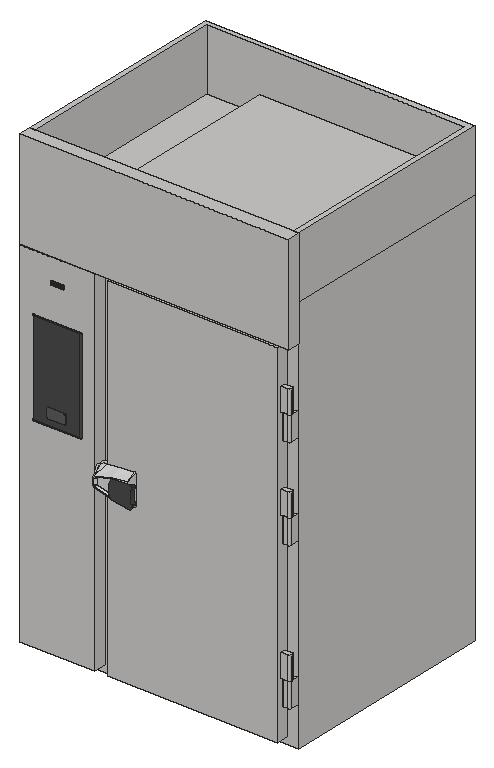
Revit family "QF_ZANUSSI_110557_ZBFA22LE", category Specialty Equipment, Revit 2018
Family settings
  Round Connector Dimension = Use Diameter
  Part Type = Normal
  Work Plane-Based = No
  Always vertical = Yes
  Cut with Voids When Loaded = No
  Shared = Yes
  Room Calculation Point = No
Parameters
  Weight = 0.00 kg
  Watts = 604.799 W
  Volts = 380 V
  URL Manufacturer = "http://www.zanussiprofessional.com"
  URL = "http://www.zanussiprofessional.com"
  Steam Supply Size = 0"
  Steam Supply Minimum Pressure = 0.00 psi
  Steam Supply Maximum Pressure = 0.00 psi
  Steam Pounds per Hour = 0
  Show Logo [instance] = yes
  Refrigeration Suction Line Size = 0"
  Refrigeration Liquid Line Size = 0"
  Refrigerant Compressor Remote = yes
  Phase = 3
  Model = "ZBFA22LE"
  Manufacturer = "Zanussi"
  Length Actual = 1400 mm  # constant formula
  Item Number = "110557"
  Hot Water Size = 1"
  Height Actual = 2470 mm  # constant formula
  HP = "8.7 HP"
  Gas Size = 0"
  Gas KW = 0
  Gas Input Pressure = 0.0 Btu/h
  Description = "RAPIDO BLAST CHILLER FREEZER 150/120KG 20 GN 2/1"
  Depth Actual = 1206 mm  # constant formula
  Cycle = 50 Hz
  Condensate Return Size = 0"
  Compressed Air Volume = 0 GPM
  Compressed Air Size = 0"
  Compressed Air Pressure = 0.00 psi
  Cold Water Size = 1"
  Assembly Code = ""
  Show Clearance [instance] = yes
  Accessory = yes
Reference planes
  plane 1 "BACK": y = 1
  plane 2: z = 0
  plane 3 "LEFT": x = 0
  plane 4 "RIGHT": x = 1400
  plane 5 "FRONT": y = -1205
  plane 6 "TOP": z = 2400
  plane 7 "Center Y": x = 700
  plane 8: y = -2155
  plane 9: y = -602
Forms (mm)
  Extrusion 1, solid, material "QF_Clearance", visible <- "Show Clearance", detail levels coarse
    sketch origin (0, 0, -70) x (1, 0, 0) y (0, 1, 0)
      loop
        line (0, -1205) -> (0, 1) -> (1400, 1) -> (1400, -1205) -> (1500, -1205) -> (1500, 101) -> (-100, 101) -> (-100, -1205) -> (0, -1205)
    from 70 to 2670
  Extrusion 2, solid, material "QF_Finishes_Stainless Steel"
    sketch origin (349.253, 33, 630.991) x (-1, 0, 0) y (0, -1, 0)
      loop
        line (349.253, 1172.759) -> (349.253, 1238) -> (-39.747, 1238) -> (-39.747, 1172.759) -> (349.253, 1172.759)
    from -597 to 1254
  Extrusion 3, solid, material "QF_Finishes_Stainless Steel"
    sketch origin (596.16, 27.971, -70) x (1, 0, 0) y (0, 1, 0)
      loop
        line (743.84, -1172.971) -> (-141.16, -1172.971) -> (-141.16, -1232.971) -> (743.84, -1232.971) -> (743.84, -1172.971)
    from 103.991 to 1945.25
  Extrusion 4, solid, material "QF_Door-Drawer Clearances", visible <- "Show Clearance", detail levels coarse
    sketch origin (875, -72.029, -91.802) x (-1, 0, 0) y (0, -1, 0)
      loop
        line (-465, 2025.971) -> (-465, 1132.971) -> (420, 1132.971)
        arc (420, 1132.971) -> (153.836, 1754.227) -> (-465, 2025.971) r 920
    from 125.793 to 1967.052
  Extrusion 5, solid, material "QF_Finishes_Stainless Steel"
    sketch origin (0, -1139.759, 0) x (0, 1, 0) y (-1, 0, 0)
      loop
        line (1140.759, 0) -> (0.759, 0) -> (0.759, -1400) -> (1140.759, -1400) -> (1140.759, 0)
    from 0 to 2080
  Extrusion 6, solid, material "QF_Finishes_Stainless Steel"
    sketch origin (0, 0, -70) x (0, 1, 0) y (0, 0, 1)
      loop
        line (-1139, 2470) -> (-1205, 2470) -> (-1205, 1956) -> (-1139, 1956) -> (-1139, 2470)
    from 0 to 1400
  Extrusion 7, solid, material "QF_Finishes_Stainless Steel"
    sketch origin (0, -1139.759, 2080) x (0, 1, 0) y (-1, 0, 0)
      loop
        line (1140.759, 0) -> (0.759, 0) -> (0.759, -27.807) -> (1112.952, -27.807) -> (1112.952, -1372.193) -> (0.759, -1372.193) -> (0.759, -1400) -> (1140.759, -1400) -> (1140.759, 0)
    from 0 to 320
  Extrusion 8, solid, material "QF_Clearance", visible <- "Show Clearance", detail levels coarse
    sketch origin (0, 0, 2400) x (-1, 0, 0) y (0, -1, 0)
      loop
        line (0, 1205) -> (-1400, 1205) -> (-1400, -1) -> (0, -1) -> (0, 1205)
    from 0 to 200
  Extrusion 9, solid, material "QF_Finishes_Stainless Steel"
    sketch origin (-390.239, -0.977, 1172.559) x (1, 0, 0) y (0, 1, 0)
      loop
        line (1730.239, -1159.557) -> (1730.239, -1186.759) -> (1771.078, -1186.759)
        arc (1771.078, -1186.759) -> (1778.149, -1183.83) -> (1781.078, -1176.759) r 10
        line (1781.078, -1176.759) -> (1781.078, -1169.557)
        arc (1781.078, -1169.557) -> (1778.149, -1162.486) -> (1771.078, -1159.557) r 10
        line (1771.078, -1159.557) -> (1730.239, -1159.557)
    from 398 to 516
  Extrusion 10, solid, material "QF_Finishes_Stainless Steel"
    sketch origin (-388.989, -0.977, 1172.559) x (1, 0, 0) y (0, 1, 0)
      loop
        line (1779.828, -1138.023) -> (1738.215, -1138.023) -> (1738.215, -1176.759)
        arc (1738.215, -1176.759) -> (1741.143, -1183.83) -> (1748.215, -1186.759) r 10
        line (1748.215, -1186.759) -> (1769.828, -1186.759)
        arc (1769.828, -1186.759) -> (1776.899, -1183.83) -> (1779.828, -1176.759) r 10
        line (1779.828, -1176.759) -> (1779.828, -1138.023)
    from 269 to 396
  Extrusion 11, solid, material "QF_Finishes_Handrails and Railings"
    sketch origin (0, -1205, -139.705) x (-1, 0, 0) y (0, 0, 1)
      loop
        arc (-455, 1022.346) -> (-433.392, 1027.289) -> (-413, 1035.976) r 124.815
        arc (-413, 1035.976) -> (-402.037, 1046.425) -> (-398, 1061.023) r 28.412
        line (-398, 1061.023) -> (-398, 1124.287)
        arc (-398, 1124.287) -> (-402.037, 1138.885) -> (-413, 1149.334) r 28.412
        arc (-413, 1149.334) -> (-433.392, 1158.021) -> (-455, 1162.964) r 124.815
        line (-455, 1162.964) -> (-455, 1022.346)
    from 0 to 25
  Extrusion 12, solid, material "QF_Finishes_Stainless Steel"
    sketch origin (0, 1, -70) x (1, 0, 0) y (0, 0, 1)
      loop
        circle (50.191, 2279.706) r 10
    from -2 to 0
  Extrusion 13, solid
    sketch origin (0, 0, -70) x (1, 0, 0) y (0, 1, 0)
      loop
        circle (271, -895) r 12.7
    from 180 to 190
  Blend 14, solid, material "QF_Finishes_Handrails and Railings"
    base sketch origin (0, -1205, -139.705) x (1, 0, 0) y (0, 0, 1)
      loop
        arc (455, 1162.964) -> (433.392, 1158.021) -> (413, 1149.334) r 124.815
        arc (413, 1149.334) -> (402.037, 1138.885) -> (398, 1124.287) r 28.412
        line (398, 1124.287) -> (398, 1061.023)
        arc (398, 1061.023) -> (402.037, 1046.425) -> (413, 1035.976) r 28.412
        arc (413, 1035.976) -> (433.392, 1027.289) -> (455, 1022.346) r 124.815
        arc (455, 1022.346) -> (524.77, 1014.896) -> (594.859, 1011.587) r 1185.63
        arc (594.859, 1011.587) -> (600.607, 1013.879) -> (603, 1019.586) r 8
        line (603, 1019.586) -> (603, 1165.724)
        arc (603, 1165.724) -> (600.607, 1171.431) -> (594.859, 1173.723) r 8
        arc (594.859, 1173.723) -> (524.77, 1170.414) -> (455, 1162.964) r 1185.63
    top sketch origin (0, -1205, -139.705) x (1, 0, 0) y (0, 0, 1)
      loop
        line (421, 1108.337) -> (421, 1076.973)
        arc (421, 1076.973) -> (423.295, 1069.915) -> (429.302, 1065.557) r 12
        arc (429.302, 1065.557) -> (515.086, 1044.22) -> (603, 1034.974) r 636.459
        line (603, 1034.974) -> (603, 1150.336)
        arc (603, 1150.336) -> (515.086, 1141.09) -> (429.302, 1119.753) r 636.459
        arc (429.302, 1119.753) -> (423.295, 1115.395) -> (421, 1108.337) r 12
    from 0 to 50
  Blend 15, void
    base sketch origin (0, -1255, -139.705) x (-1, 0, 0) y (0, 0, 1)
      loop
        arc (-430.843, 1114.996) -> (-515.866, 1136.151) -> (-603, 1145.333) r 631.459
        line (-603, 1145.333) -> (-603, 1039.977)
        arc (-603, 1039.977) -> (-515.866, 1049.159) -> (-430.843, 1070.314) r 631.459
        arc (-430.843, 1070.314) -> (-427.339, 1072.856) -> (-426, 1076.973) r 7
        line (-426, 1076.973) -> (-426, 1108.337)
        arc (-426, 1108.337) -> (-427.339, 1112.454) -> (-430.843, 1114.996) r 7
    top sketch origin (0, -1255, -139.705) x (-1, 0, 0) y (0, 0, 1)
      loop
        arc (-432.384, 1110.24) -> (-516.647, 1131.211) -> (-603, 1140.33) r 626.459
        line (-603, 1140.33) -> (-603, 1044.98)
        arc (-603, 1044.98) -> (-516.647, 1054.099) -> (-432.384, 1075.07) r 626.459
        arc (-432.384, 1075.07) -> (-431.382, 1075.797) -> (-431, 1076.973) r 2
        line (-431, 1076.973) -> (-431, 1108.337)
        arc (-431, 1108.337) -> (-431.382, 1109.513) -> (-432.384, 1110.24) r 2
    from 0 to 10
  Blend 16, solid, material "QF_Finishes_Black"
    base sketch origin (0, -1245, -139.705) x (1, 0, 0) y (0, 0, 1)
      loop
        arc (628.567, 1043.419) -> (622.014, 1092.655) -> (628.567, 1141.89) r 188.232
        arc (628.567, 1141.89) -> (627.358, 1147.991) -> (621.77, 1150.721) r 7
        arc (621.77, 1150.721) -> (572.304, 1148.509) -> (523.16, 1142.458) r 636.459
        arc (523.16, 1142.458) -> (507.711, 1092.655) -> (523.16, 1042.852) r 88
        arc (523.16, 1042.852) -> (572.304, 1036.801) -> (621.77, 1034.589) r 636.459
        arc (621.77, 1034.589) -> (627.358, 1037.319) -> (628.567, 1043.419) r 7
    top sketch origin (0, -1245, -139.705) x (1, 0, 0) y (0, 0, 1)
      loop
        arc (626.748, 1050.703) -> (622.014, 1092.655) -> (626.748, 1134.607) r 188.232
        arc (626.748, 1134.607) -> (625.775, 1138.85) -> (621.845, 1140.722) r 5
        arc (621.845, 1140.722) -> (569.023, 1138.185) -> (516.603, 1131.203) r 626.459
        arc (516.603, 1131.203) -> (507.711, 1092.655) -> (516.603, 1054.107) r 88
        arc (516.603, 1054.107) -> (569.023, 1047.124) -> (621.845, 1044.588) r 626.459
        arc (621.845, 1044.588) -> (625.775, 1046.46) -> (626.748, 1050.703) r 5
    from 20 to 0
  Extrusion 17, solid, material "QF_Finishes_Stainless Steel"
    sketch origin (-390.239, -0.977, 692.559) x (1, 0, 0) y (0, 1, 0)
      loop
        line (1730.239, -1159.557) -> (1730.239, -1186.759) -> (1771.078, -1186.759)
        arc (1771.078, -1186.759) -> (1778.149, -1183.83) -> (1781.078, -1176.759) r 10
        line (1781.078, -1176.759) -> (1781.078, -1169.557)
        arc (1781.078, -1169.557) -> (1778.149, -1162.486) -> (1771.078, -1159.557) r 10
        line (1771.078, -1159.557) -> (1730.239, -1159.557)
    from 398 to 516
  Extrusion 18, solid, material "QF_Finishes_Stainless Steel"
    sketch origin (-388.989, -0.977, 692.559) x (1, 0, 0) y (0, 1, 0)
      loop
        line (1779.828, -1138.023) -> (1738.215, -1138.023) -> (1738.215, -1176.759)
        arc (1738.215, -1176.759) -> (1741.143, -1183.83) -> (1748.215, -1186.759) r 10
        line (1748.215, -1186.759) -> (1769.828, -1186.759)
        arc (1769.828, -1186.759) -> (1776.899, -1183.83) -> (1779.828, -1176.759) r 10
        line (1779.828, -1176.759) -> (1779.828, -1138.023)
    from 269 to 396
  Extrusion 19, solid, material "QF_Finishes_Stainless Steel"
    sketch origin (-390.239, -0.977, -67.441) x (1, 0, 0) y (0, 1, 0)
      loop
        line (1730.239, -1159.557) -> (1730.239, -1186.759) -> (1771.078, -1186.759)
        arc (1771.078, -1186.759) -> (1778.149, -1183.83) -> (1781.078, -1176.759) r 10
        line (1781.078, -1176.759) -> (1781.078, -1169.557)
        arc (1781.078, -1169.557) -> (1778.149, -1162.486) -> (1771.078, -1159.557) r 10
        line (1771.078, -1159.557) -> (1730.239, -1159.557)
    from 398 to 516
  Extrusion 20, solid, material "QF_Finishes_Stainless Steel"
    sketch origin (-388.989, -0.977, -67.441) x (1, 0, 0) y (0, 1, 0)
      loop
        line (1779.828, -1138.023) -> (1738.215, -1138.023) -> (1738.215, -1176.759)
        arc (1738.215, -1176.759) -> (1741.143, -1183.83) -> (1748.215, -1186.759) r 10
        line (1748.215, -1186.759) -> (1769.828, -1186.759)
        arc (1769.828, -1186.759) -> (1776.899, -1183.83) -> (1779.828, -1176.759) r 10
        line (1779.828, -1176.759) -> (1779.828, -1138.023)
    from 269 to 396
  Extrusion 21, solid, material "QF_Door-Drawer Clearances", visible <- "Show Clearance", detail levels coarse
    sketch origin (167.029, -1956.84, -70) x (0, 1, 0) y (-1, 0, 0)
      loop
        line (751.84, -1172.971) -> (-141.16, -1172.971) -> (-141.16, -1232.971) -> (751.84, -1232.971) -> (751.84, -1172.971)
    from 103.991 to 1945.25
  Extrusion 22, solid, material "QF_Door-Drawer Clearances", visible <- "Show Clearance", detail levels coarse
    sketch origin (1400, -2553, -139.705) x (0, -1, 0) y (0, 0, 1)
      loop
        arc (-455, 1022.346) -> (-433.392, 1027.289) -> (-413, 1035.976) r 124.815
        arc (-413, 1035.976) -> (-402.037, 1046.425) -> (-398, 1061.023) r 28.412
        line (-398, 1061.023) -> (-398, 1124.287)
        arc (-398, 1124.287) -> (-402.037, 1138.885) -> (-413, 1149.334) r 28.412
        arc (-413, 1149.334) -> (-433.392, 1158.021) -> (-455, 1162.964) r 124.815
        line (-455, 1162.964) -> (-455, 1022.346)
    from 0 to 25
  Blend 23, solid, material "QF_Door-Drawer Clearances", visible <- "Show Clearance", detail levels coarse
    base sketch origin (1400, -2553, -139.705) x (0, 1, 0) y (0, 0, 1)
      loop
        arc (455, 1162.964) -> (433.392, 1158.021) -> (413, 1149.334) r 124.815
        arc (413, 1149.334) -> (402.037, 1138.885) -> (398, 1124.287) r 28.412
        line (398, 1124.287) -> (398, 1061.023)
        arc (398, 1061.023) -> (402.037, 1046.425) -> (413, 1035.976) r 28.412
        arc (413, 1035.976) -> (433.392, 1027.289) -> (455, 1022.346) r 124.815
        arc (455, 1022.346) -> (524.77, 1014.896) -> (594.859, 1011.587) r 1185.63
        arc (594.859, 1011.587) -> (600.607, 1013.879) -> (603, 1019.586) r 8
        line (603, 1019.586) -> (603, 1165.724)
        arc (603, 1165.724) -> (600.607, 1171.431) -> (594.859, 1173.723) r 8
        arc (594.859, 1173.723) -> (524.77, 1170.414) -> (455, 1162.964) r 1185.63
    top sketch origin (1400, -2553, -139.705) x (0, 1, 0) y (0, 0, 1)
      loop
        line (421, 1108.337) -> (421, 1076.973)
        arc (421, 1076.973) -> (423.295, 1069.915) -> (429.302, 1065.557) r 12
        arc (429.302, 1065.557) -> (515.086, 1044.22) -> (603, 1034.974) r 636.459
        line (603, 1034.974) -> (603, 1150.336)
        arc (603, 1150.336) -> (515.086, 1141.09) -> (429.302, 1119.753) r 636.459
        arc (429.302, 1119.753) -> (423.295, 1115.395) -> (421, 1108.337) r 12
    from 0 to 50
  Blend 24, void
    base sketch origin (1450, -2553, -139.705) x (0, -1, 0) y (0, 0, 1)
      loop
        arc (-430.843, 1114.996) -> (-515.866, 1136.151) -> (-603, 1145.333) r 631.459
        line (-603, 1145.333) -> (-603, 1039.977)
        arc (-603, 1039.977) -> (-515.866, 1049.159) -> (-430.843, 1070.314) r 631.459
        arc (-430.843, 1070.314) -> (-427.339, 1072.856) -> (-426, 1076.973) r 7
        line (-426, 1076.973) -> (-426, 1108.337)
        arc (-426, 1108.337) -> (-427.339, 1112.454) -> (-430.843, 1114.996) r 7
    top sketch origin (1450, -2553, -139.705) x (0, -1, 0) y (0, 0, 1)
      loop
        arc (-432.384, 1110.24) -> (-516.647, 1131.211) -> (-603, 1140.33) r 626.459
        line (-603, 1140.33) -> (-603, 1044.98)
        arc (-603, 1044.98) -> (-516.647, 1054.099) -> (-432.384, 1075.07) r 626.459
        arc (-432.384, 1075.07) -> (-431.382, 1075.797) -> (-431, 1076.973) r 2
        line (-431, 1076.973) -> (-431, 1108.337)
        arc (-431, 1108.337) -> (-431.382, 1109.513) -> (-432.384, 1110.24) r 2
    from 0 to 10
  Blend 25, solid, material "QF_Door-Drawer Clearances", visible <- "Show Clearance", detail levels coarse
    base sketch origin (1440, -2553, -139.705) x (0, 1, 0) y (0, 0, 1)
      loop
        arc (628.567, 1043.419) -> (622.014, 1092.655) -> (628.567, 1141.89) r 188.232
        arc (628.567, 1141.89) -> (627.358, 1147.991) -> (621.77, 1150.721) r 7
        arc (621.77, 1150.721) -> (572.304, 1148.509) -> (523.16, 1142.458) r 636.459
        arc (523.16, 1142.458) -> (507.711, 1092.655) -> (523.16, 1042.852) r 88
        arc (523.16, 1042.852) -> (572.304, 1036.801) -> (621.77, 1034.589) r 636.459
        arc (621.77, 1034.589) -> (627.358, 1037.319) -> (628.567, 1043.419) r 7
    top sketch origin (1440, -2553, -139.705) x (0, 1, 0) y (0, 0, 1)
      loop
        arc (626.748, 1050.703) -> (622.014, 1092.655) -> (626.748, 1134.607) r 188.232
        arc (626.748, 1134.607) -> (625.775, 1138.85) -> (621.845, 1140.722) r 5
        arc (621.845, 1140.722) -> (569.023, 1138.185) -> (516.603, 1131.203) r 626.459
        arc (516.603, 1131.203) -> (507.711, 1092.655) -> (516.603, 1054.107) r 88
        arc (516.603, 1054.107) -> (569.023, 1047.124) -> (621.845, 1044.588) r 626.459
        arc (621.845, 1044.588) -> (625.775, 1046.46) -> (626.748, 1050.703) r 5
    from 20 to -1
  Extrusion 26, solid, material "QF_Finishes_Stainless Steel"
    sketch origin (0, -1139.759, 2080) x (0, 1, 0) y (-1, 0, 0)
      loop
        line (1028.497, -361.186) -> (882.552, -361.186) -> (882.552, -544.235) -> (1028.497, -544.235) -> (1028.497, -361.186)
    from 0 to 50
  Extrusion 27, solid, material "QF_Finishes_Stainless Steel"
    sketch origin (0, -1139.759, 2080) x (0, 1, 0) y (-1, 0, 0)
      loop
        line (1099.749, -314.157) -> (154.819, -314.157) -> (154.819, -1281.35) -> (1099.749, -1281.35) -> (1099.749, -314.157)
    from 0 to 100
  Extrusion 28, solid, material "QF_Finishes_Stainless Steel"
    sketch origin (544.235, -111.262, 2080) x (0, -1, 0) y (0, 0, -1)
      loop
        circle (122.974, -25) r 12.5
      loop
        circle (23.998, -25) r 12.5
    from 0 to 30
Cuts and joins
  Blend 15 cuts Blend 14
  joined: Extrusion 11, Blend 14
  Blend 15 cuts Extrusion 4
  Blend 24 cuts Blend 23
  Blend 24 cuts Blend 25
  joined: Extrusion 4, Extrusion 21, Extrusion 22, Blend 23, Blend 25
  joined: Extrusion 7, Extrusion 12
  joined: Extrusion 5, Extrusion 10, Extrusion 18, Extrusion 20, Extrusion 27
  joined: Extrusion 3, Extrusion 9, Extrusion 17, Extrusion 19
  joined: Extrusion 1, Extrusion 8
  joined: Extrusion 26, Extrusion 28
Lines and regions (mm)
  symbolic lines, style "QF-Clearances", visible <- "Show Clearance", detail levels coarse
    curve 1: line (-100, -1204.241, 70) -> (-100, 101, 70)
    curve 2: line (-100, 101, 70) -> (1500, 101, 70)
    curve 3: line (1500, 101, 70) -> (1500, -1204.241, 70)
  symbolic lines
    curve 4: line (0, 1, 70) -> (1400, 1, 70)
    curve 5: line (0, -1205, 70) -> (0, 1, 70)
    curve 6: line (1400, -1205, 70) -> (0, -1205, 70)
    curve 7: line (1400, 1, 70) -> (1400, -1205, 70)
    curve 8: line (27.807, -26.807, 70) -> (1372.193, -26.807, 70)
    curve 9: line (27.807, -1139, 70) -> (27.807, -26.807, 70)
    curve 10: line (1400, -1139, 70) -> (0, -1139, 70)
    curve 11: line (1372.193, -26.807, 70) -> (1372.193, -1139, 70)
    curve 12: line (75.5, -1210, 70) -> (313.5, -1210, 70)
    curve 13: line (75.5, -1210, 70) -> (67.5, -1205, 70)
    curve 14: line (313.5, -1210, 70) -> (321.5, -1205, 70)
    curve 15: line (421, -1255, 70) -> (398, -1205, 70)
    curve 16: line (421, -1255, 70) -> (603, -1255, 70)
    curve 17: line (603, -1255, 70) -> (603, -1205, 70)
    curve 18: line (603, -1245, 70) -> (626.748, -1245, 70)
    curve 19: line (626.748, -1245, 70) -> (628.811, -1265, 70)
    curve 20: line (628.811, -1265, 70) -> (507.711, -1265, 70)
    curve 21: line (507.711, -1265, 70) -> (507.711, -1255, 70)
    curve 35: line (314.157, -40.01, 70) -> (1281.35, -40.01, 70)
    curve 36: line (314.157, -984.941, 70) -> (314.157, -40.01, 70)
    curve 37: line (1281.35, -984.941, 70) -> (314.157, -984.941, 70)
    curve 38: line (1281.35, -40.01, 70) -> (1281.35, -984.941, 70)
  symbolic lines, style "QF_Door-Drawer Clearances", visible <- "Show Clearance"
    curve 22: line (1450, -2132, 70) -> (1400, -2155, 70)
    curve 23: line (1450, -2132, 70) -> (1450, -1950, 70)
    curve 24: line (1450, -1950, 70) -> (1400, -1950, 70)
    curve 25: line (1439, -1950, 70) -> (1439, -1926.126, 70)
    curve 26: line (1439, -1926.126, 70) -> (1460, -1924.189, 70)
    curve 27: line (1460, -1924.189, 70) -> (1460, -2045.289, 70)
    curve 28: line (1460, -2045.289, 70) -> (1450, -2045.289, 70)
    curve 29: line (1375, -2098, 70) -> (1375, -2155, 70)
    curve 30: line (1340, -2098, 70) -> (1400, -2098, 70)
    curve 31: arc (457.796, -1255, 70) -> (739.031, -1843.801, 70) -> (1340, -2098, 70) r 920
    curve 32: line (1400, -2155, 70) -> (1375, -2155, 70)
    curve 33: line (1400, -2098, 70) -> (1400, -1205, 70)
    curve 34: line (1340, -2098, 70) -> (1340, -1205, 70)
  symbolic lines, style "SpecialityEquipmentHiddenLines"
    curve 39: line (361.186, -111.262, 70) -> (544.235, -111.262, 70)
    curve 40: line (361.186, -257.207, 70) -> (361.186, -111.262, 70)
    curve 41: line (544.235, -257.207, 70) -> (361.186, -257.207, 70)
    curve 42: line (544.235, -111.262, 70) -> (544.235, -257.207, 70)
    curve 43: line (574.235, -147.761, 70) -> (574.235, -122.761, 70)
    curve 44: line (574.235, -122.761, 70) -> (544.235, -122.761, 70)
    curve 45: line (574.235, -147.761, 70) -> (544.235, -147.761, 70)
    curve 46: line (574.235, -246.737, 70) -> (544.235, -246.737, 70)
    curve 47: line (574.235, -221.737, 70) -> (544.235, -221.737, 70)
    curve 48: line (574.235, -221.737, 70) -> (574.235, -246.737, 70)
Dimensions and locks
  plane 5 "FRONT" to plane 1 "BACK" = 1206 mm
  plane 6 "TOP" to level = 2400 mm
  plane 4 "RIGHT" to plane 3 "LEFT" = 1400 mm
  plane 3 "LEFT" to plane 4 "RIGHT" = 1400 mm
  equal spacing: plane 3 "LEFT", plane 7 "Center Y", plane 4 "RIGHT"
  equal spacing: plane 1 "BACK", plane 9, plane 5 "FRONT"
  aligned and locked: level to plane 2
Automatic sketch dimensions
  plane 5 "FRONT" to Extrusion 1 sketch curve = 0 mm  (x2)
  Extrusion 1 sketch curve to plane 3 "LEFT" = 0 mm
  plane 1 "BACK" to Extrusion 1 sketch curve = 0 mm
  Extrusion 1 sketch curve to plane 4 "RIGHT" = 0 mm
  Extrusion 1 sketch curve to plane 3 "LEFT" = 100 mm
  plane 4 "RIGHT" to Extrusion 1 sketch curve = 100 mm
  Extrusion 1 sketch curve to plane 1 "BACK" = 100 mm
  plane 5 "FRONT" to Extrusion 2 sketch curve = 0 mm
  Extrusion 2 sketch curve to plane 3 "LEFT" = 0 mm
  Extrusion 2 sketch curve to plane 5 "FRONT" = 65.241 mm
  plane 5 "FRONT" to Extrusion 3 sketch curve = 0 mm
  Extrusion 3 sketch curve to plane 5 "FRONT" = 60 mm
  Extrusion 3 sketch curve to plane 4 "RIGHT" = 60 mm
  plane 5 "FRONT" to Extrusion 4 sketch curve = 0 mm
  Extrusion 4 sketch curve to plane 4 "RIGHT" = 25.377 mm
  Extrusion 4 sketch curve to Extrusion 4 sketch curve = 34.623 mm
  Extrusion 4 sketch curve to plane 5 "FRONT" = 26.348 mm
  Extrusion 5 sketch curve to plane 3 "LEFT" = 0 mm
  Extrusion 5 sketch curve to plane 4 "RIGHT" = 0 mm
  plane 1 "BACK" to Extrusion 5 sketch curve = 0 mm
  Extrusion 5 sketch curve to plane 5 "FRONT" = 66 mm
  Extrusion 6 sketch curve to plane 5 "FRONT" = 0 mm
  Extrusion 6 sketch curve to plane 5 "FRONT" = 66 mm
  Extrusion 6 sketch curve to plane 6 "TOP" = 514 mm
  plane 6 "TOP" to Extrusion 6 sketch curve = 0 mm
  Extrusion 5 to Extrusion 7 sketch curve = 0 mm
  Extrusion 7 sketch curve to Extrusion 5 = 0 mm  (x4)
  Extrusion 7 sketch curve to Extrusion 5 = 27.807 mm  (x3)
  Extrusion 8 sketch curve to plane 4 "RIGHT" = 0 mm
  plane 1 "BACK" to Extrusion 8 sketch curve = 0 mm
  Extrusion 8 sketch curve to plane 3 "LEFT" = 0 mm
  plane 5 "FRONT" to Extrusion 8 sketch curve = 0 mm
  Extrusion 9 sketch curve to plane 5 "FRONT" = 17.264 mm
  Extrusion 9 sketch curve to plane 4 "RIGHT" = 60 mm
  Extrusion 9 sketch curve to plane 4 "RIGHT" = 19.161 mm
  Extrusion 9 sketch curve to Extrusion 9 sketch curve = 0 mm
  Extrusion 9 sketch curve to plane 4 "RIGHT" = 9.161 mm
  Extrusion 9 sketch curve to Extrusion 9 sketch curve = 7.202 mm
  Extrusion 10 sketch curve to plane 5 "FRONT" = 27.264 mm
  Extrusion 10 sketch curve to plane 4 "RIGHT" = 50.775 mm
  Extrusion 10 sketch curve to Extrusion 10 sketch curve = 10 mm
  Extrusion 10 sketch curve to plane 4 "RIGHT" = 19.161 mm
  Extrusion 10 sketch curve to plane 4 "RIGHT" = 9.161 mm
  Extrusion 10 sketch curve to Extrusion 10 sketch curve = 38.736 mm
  plane 7 "Center Y" to Extrusion 11 sketch curve = 228.081 mm
  Extrusion 11 sketch curve to Extrusion 11 sketch curve = 0 mm
  Extrusion 11 sketch curve to Extrusion 11 sketch curve = 16.919 mm
  Extrusion 11 sketch curve to Extrusion 11 sketch curve = 28.588 mm  (x2)
  Extrusion 11 sketch curve to Extrusion 11 sketch curve = 28.412 mm
  level to Extrusion 11 sketch curve = 882.641 mm
  Extrusion 11 sketch curve to Extrusion 11 sketch curve = 16.954 mm  (x2)
  Extrusion 11 sketch curve to Extrusion 11 sketch curve = 38.676 mm
  Extrusion 11 sketch curve to Extrusion 11 sketch curve = 63.265 mm
  Extrusion 11 sketch curve to Extrusion 11 sketch curve = 21.722 mm
  plane 3 "LEFT" to Extrusion 12 sketch curve = 50.191 mm
  Extrusion 12 sketch curve to plane 6 "TOP" = 190.294 mm
  Extrusion 13 sketch curve to plane 9 = 293 mm
  Blend 14 sketch curve to Extrusion 11 = 0 mm  (x4)
  Blend 14 sketch curve to Extrusion 11 = 28.412 mm
  Blend 14 sketch curve to Blend 14 sketch curve = 123.081 mm  (x2)
  Blend 14 sketch curve to Blend 14 sketch curve = 8 mm
  Extrusion 11 to Blend 14 sketch curve = 160.712 mm  (x2)
  Blend 14 sketch curve to Blend 14 sketch curve = 19.715 mm  (x2)
  Blend 14 sketch curve to Blend 14 sketch curve = 38.676 mm
  Blend 14 sketch curve to Extrusion 11 = 23 mm
  Blend 14 sketch curve to Blend 14 sketch curve = 12 mm  (x2)
  Extrusion 11 to Blend 14 sketch curve = 148 mm
  Extrusion 11 to Blend 14 sketch curve = 170.45 mm  (x2)
  Blend 14 sketch curve to Blend 14 sketch curve = 520.701 mm  (x2)
  Blend 14 sketch curve to Blend 14 sketch curve = 41.999 mm
  Blend 14 sketch curve to Blend 14 sketch curve = 31.364 mm
  Blend 14 sketch curve to Blend 14 sketch curve = 115.362 mm
  Blend 14 to Blend 15 sketch curve = 0 mm  (x2)
  Blend 15 sketch curve to Blend 15 sketch curve = 7 mm
  Blend 15 sketch curve to Blend 15 sketch curve = 31.364 mm  (x2)
  Blend 15 sketch curve to Blend 15 sketch curve = 2 mm
  Blend 15 to Blend 16 sketch curve = 18.811 mm  (x2)
  Blend 16 sketch curve to Blend 15 = 7.289 mm  (x2)
  Blend 16 sketch curve to Blend 16 sketch curve = 188.435 mm
  Blend 16 sketch curve to Blend 16 sketch curve = 7 mm  (x2)
  Blend 16 sketch curve to Blend 16 sketch curve = 51.066 mm  (x2)
  Blend 16 sketch curve to Blend 16 sketch curve = 0 mm  (x6)
  Blend 16 sketch curve to Blend 15 = 79.84 mm
  Blend 15 to Blend 16 sketch curve = 18.874 mm  (x2)
  Blend 16 sketch curve to Blend 16 sketch curve = 188.371 mm
  Blend 16 sketch curve to Blend 16 sketch curve = 5 mm  (x2)
  Blend 16 sketch curve to Blend 16 sketch curve = 43.067 mm  (x2)
  Blend 16 sketch curve to Blend 15 = 85.603 mm
  Extrusion 17 sketch curve to plane 5 "FRONT" = 17.264 mm
  Extrusion 17 sketch curve to plane 4 "RIGHT" = 60 mm
  Extrusion 17 sketch curve to plane 4 "RIGHT" = 19.161 mm
  Extrusion 17 sketch curve to Extrusion 17 sketch curve = 0 mm
  Extrusion 17 sketch curve to plane 4 "RIGHT" = 9.161 mm
  Extrusion 17 sketch curve to Extrusion 17 sketch curve = 7.202 mm
  Extrusion 18 sketch curve to plane 5 "FRONT" = 27.264 mm
  Extrusion 18 sketch curve to plane 4 "RIGHT" = 50.775 mm
  Extrusion 18 sketch curve to Extrusion 18 sketch curve = 10 mm
  Extrusion 18 sketch curve to plane 4 "RIGHT" = 19.161 mm
  Extrusion 18 sketch curve to plane 4 "RIGHT" = 9.161 mm
  Extrusion 18 sketch curve to Extrusion 18 sketch curve = 38.736 mm
  Extrusion 19 sketch curve to plane 5 "FRONT" = 17.264 mm
  Extrusion 19 sketch curve to plane 4 "RIGHT" = 60 mm
  Extrusion 19 sketch curve to plane 4 "RIGHT" = 19.161 mm
  Extrusion 19 sketch curve to Extrusion 19 sketch curve = 0 mm
  Extrusion 19 sketch curve to plane 4 "RIGHT" = 9.161 mm
  Extrusion 19 sketch curve to Extrusion 19 sketch curve = 7.202 mm
  Extrusion 20 sketch curve to plane 5 "FRONT" = 27.264 mm
  Extrusion 20 sketch curve to plane 4 "RIGHT" = 50.775 mm
  Extrusion 20 sketch curve to Extrusion 20 sketch curve = 10 mm
  Extrusion 20 sketch curve to plane 4 "RIGHT" = 19.161 mm
  Extrusion 20 sketch curve to plane 4 "RIGHT" = 9.161 mm
  Extrusion 20 sketch curve to Extrusion 20 sketch curve = 38.736 mm
  Extrusion 21 sketch curve to plane 4 "RIGHT" = 0 mm
  plane 5 "FRONT" to Extrusion 21 sketch curve = 0 mm
  Extrusion 21 sketch curve to plane 8 = 57 mm
  Extrusion 21 sketch curve to plane 4 "RIGHT" = 60 mm
  Extrusion 22 sketch curve to plane 8 = 0 mm
  Extrusion 22 sketch curve to Extrusion 22 sketch curve = 28.412 mm  (x2)
  Extrusion 22 sketch curve to Extrusion 22 sketch curve = 28.588 mm
  Extrusion 22 sketch curve to Extrusion 22 sketch curve = 16.919 mm  (x2)
  level to Extrusion 22 sketch curve = 882.641 mm
  Extrusion 22 sketch curve to Extrusion 22 sketch curve = 16.954 mm  (x2)
  Extrusion 22 sketch curve to Extrusion 22 sketch curve = 38.676 mm
  Extrusion 22 sketch curve to Extrusion 22 sketch curve = 63.265 mm
  Extrusion 22 sketch curve to Extrusion 22 sketch curve = 21.722 mm
  Blend 23 sketch curve to Extrusion 22 = 0 mm  (x4)
  Blend 23 sketch curve to Extrusion 22 = 28.412 mm
  Blend 23 sketch curve to Blend 23 sketch curve = 123.081 mm  (x2)
  Blend 23 sketch curve to Blend 23 sketch curve = 8 mm
  Extrusion 22 to Blend 23 sketch curve = 160.712 mm  (x2)
  Blend 23 sketch curve to Blend 23 sketch curve = 19.715 mm  (x2)
  Blend 23 sketch curve to Blend 23 sketch curve = 38.676 mm
  Blend 23 sketch curve to Extrusion 22 = 23 mm
  Blend 23 sketch curve to Blend 23 sketch curve = 12 mm  (x2)
  Extrusion 22 to Blend 23 sketch curve = 148 mm
  Extrusion 22 to Blend 23 sketch curve = 170.45 mm  (x2)
  Blend 23 sketch curve to Blend 23 sketch curve = 520.701 mm  (x2)
  Blend 23 sketch curve to Blend 23 sketch curve = 41.999 mm
  Blend 23 sketch curve to Blend 23 sketch curve = 31.364 mm
  Blend 23 sketch curve to Blend 23 sketch curve = 115.362 mm
  Blend 24 sketch curve to Blend 23 = 0 mm  (x2)
  Blend 24 sketch curve to Blend 24 sketch curve = 7 mm
  Blend 24 sketch curve to Blend 24 sketch curve = 31.364 mm  (x2)
  Blend 24 sketch curve to Blend 24 sketch curve = 2 mm
  Blend 24 to Blend 25 sketch curve = 18.811 mm  (x2)
  Blend 25 sketch curve to Blend 24 = 7.289 mm  (x2)
  Blend 25 sketch curve to Blend 25 sketch curve = 188.435 mm
  Blend 25 sketch curve to Blend 25 sketch curve = 7 mm  (x2)
  Blend 25 sketch curve to Blend 25 sketch curve = 51.066 mm  (x2)
  Blend 25 sketch curve to Blend 25 sketch curve = 0 mm  (x6)
  Blend 25 sketch curve to Blend 24 = 79.84 mm
  Blend 24 to Blend 25 sketch curve = 18.874 mm  (x2)
  Blend 25 sketch curve to Blend 25 sketch curve = 188.371 mm
  Blend 25 sketch curve to Blend 25 sketch curve = 5 mm  (x2)
  Blend 25 sketch curve to Blend 25 sketch curve = 43.067 mm  (x2)
  Blend 25 sketch curve to Blend 24 = 85.603 mm
  plane 7 "Center Y" to Extrusion 2 sketch curve = 311 mm
  plane 7 "Center Y" to Extrusion 3 sketch curve = 245 mm
  plane 7 "Center Y" to Extrusion 4 sketch curve = 245 mm
  plane 3 "LEFT" to Extrusion 13 sketch curve = 271 mm
  Extrusion 27 sketch curve to Extrusion 5 = 154.059 mm
  Extrusion 27 sketch curve to Extrusion 5 = 41.01 mm
  Extrusion 27 sketch curve to Extrusion 5 = 118.65 mm
  Extrusion 27 sketch curve to Extrusion 5 = 314.157 mm
  Extrusion 26 sketch curve to Extrusion 5 = 258.207 mm
  Extrusion 26 sketch curve to Extrusion 5 = 112.262 mm
  Extrusion 26 sketch curve to Extrusion 5 = 544.235 mm
  Extrusion 26 sketch curve to Extrusion 26 sketch curve = 183.049 mm
  Extrusion 28 sketch curve to Extrusion 26 = 23.998 mm
  Extrusion 28 sketch curve to Extrusion 26 = 22.971 mm
  Extrusion 26 to Extrusion 28 sketch curve = 25 mm  (x2)
  plane 8 to curve 29 = 0 mm
  curve 33 to plane 4 "RIGHT" = 0 mm
  plane 5 "FRONT" to curve 15 = 0 mm
  curve 10 to plane 3 "LEFT" = 0 mm
  plane 1 "BACK" to curve 7 = 0 mm
  curve 22 to plane 4 "RIGHT" = 0 mm
  curve 22 to plane 8 = 23 mm
  curve 22 to curve 33 = 57 mm
  curve 30 to curve 28 = 52.711 mm
  curve 28 to curve 24 = 95.289 mm
  plane 4 "RIGHT" to curve 26 = 39 mm
  curve 25 to curve 26 = 23.874 mm
  curve 25 to curve 27 = 1.937 mm
  plane 5 "FRONT" to curve 19 = 60 mm
  plane 5 "FRONT" to curve 15 = 50 mm
  curve 19 to curve 18 = 20 mm
  plane 5 "FRONT" to curve 12 = 5 mm
  curve 31 to plane 5 "FRONT" = 26.348 mm
  curve 31 to curve 37 = 193.711 mm
  plane 1 "BACK" to curve 41 = 258.207 mm
  curve 41 to curve 43 = 109.446 mm
  curve 43 to curve 43 = 25 mm
  plane 1 "BACK" to curve 39 = 112.262 mm
  plane 1 "BACK" to curve 36 = 41.01 mm
  plane 1 "BACK" to curve 8 = 27.807 mm
  curve 2 to plane 1 "BACK" = 100 mm
  curve 24 to curve 25 = 11 mm
  curve 26 to curve 25 = 21 mm
  plane 4 "RIGHT" to curve 2 = 100 mm
  curve 22 to curve 29 = 25 mm
  curve 31 to plane 4 "RIGHT" = 25.377 mm
  curve 8 to plane 4 "RIGHT" = 27.807 mm
  curve 29 to curve 30 = 35 mm
  curve 38 to plane 4 "RIGHT" = 118.65 mm
  plane 7 "Center Y" to curve 19 = 71.189 mm
  curve 19 to curve 18 = 2.062 mm
  curve 18 to curve 17 = 23.748 mm
  plane 7 "Center Y" to curve 43 = 125.765 mm
  curve 43 to curve 41 = 30 mm
  curve 21 to curve 31 = 49.915 mm
  curve 31 to curve 16 = 36.796 mm
  curve 41 to curve 40 = 183.049 mm
  curve 15 to curve 37 = 106.843 mm
  curve 15 to curve 14 = 107.5 mm
  plane 3 "LEFT" to curve 12 = 75.5 mm
  plane 3 "LEFT" to curve 8 = 27.807 mm
  curve 1 to plane 3 "LEFT" = 100 mm
  curve 3 to plane 5 "FRONT" = 0.759 mm
  curve 1 to plane 5 "FRONT" = 0.759 mm
  curve 9 to plane 5 "FRONT" = 66 mm
  curve 41 to curve 46 = 10.471 mm
  curve 46 to curve 48 = 25 mm
  curve 46 to curve 46 = 30 mm
  curve 15 to curve 15 = 23 mm
  curve 14 to curve 12 = 8 mm
  curve 12 to curve 13 = 8 mm
  radius of Extrusion 12 sketch curve = 10 mm
  radius of Extrusion 13 sketch curve = 12.7 mm
  radius of Blend 14 sketch curve to Extrusion 11 = 0 mm  (x3)
  radius of Blend 15 sketch curve to Blend 14 = 5 mm  (x3)
  radius of Blend 15 sketch curve to Blend 14 = 10 mm  (x3)
  radius of Blend 15 to Blend 16 sketch curve = 10 mm  (x2)
  radius of Blend 16 sketch curve to Blend 15 = 0 mm  (x2)
  radius of Blend 23 sketch curve to Extrusion 22 = 0 mm  (x3)
  radius of Blend 24 sketch curve to Blend 23 = 5 mm  (x3)
  radius of Blend 24 sketch curve to Blend 23 = 10 mm  (x3)
  radius of Blend 24 to Blend 25 sketch curve = 10 mm  (x2)
  radius of Blend 25 sketch curve to Blend 24 = 0 mm  (x2)
  radius of Extrusion 28 sketch curve = 12.5 mm  (x2)
Nested families
  nested 1: "ZAN_Touch" at (194.5, -1205, 1338.103) x (1, 0, 0) z (0, -1, 0), type "ZAN_Touch"
  nested 2: "ZAN_Logo_XS" at (194.5, -1205, 1764.991) x (1, 0, 0) z (0, -1, 0), visible <- "Show Logo", type "ZAN_Logo_XS"
Connectors
  piping at (271, -895, 110), diameter 25.4
    settings: on Extrusion 13, index 5, connector inside diameter 24", connector length 0 mm, flow factor 0, pipe flow 0 GPM, pressure drop 0.00 psi, fitting loss kfactor 0, connector angle 0.00°, fixture units 0, engagement length 0 mm, angle of deflection 0.00°, flow configuration 1, flow direction 2, fitting loss method 0, system type 16, joint type 0, gender type 0, connector reference index -1, connector utility 0, adjustable connector no, is connector primary yes, connector description "Drain"
  electrical at (50.191, 3, 2209.706), driven by "Volts"
    settings: on Extrusion 12, index 6, voltage 380 V, apparent load 0 VA, apparent load phase1 0 VA, apparent load phase2 0 VA, apparent load phase3 0 VA, power factor 1, load classification "Altro", number of poles 1, system type 30, power factor state 1, is connector primary yes, connector utility no, sub classification motor no, connector description "Electrical Connection"
  piping at (574.235, -234.237, 2105), diameter 25
    settings: on cut or joined group of Extrusion 26, Extrusion 28, index 7, connector inside diameter 24", connector length 0 mm, flow factor 0, pipe flow 0 GPM, pressure drop 0.00 psi, fitting loss kfactor 0, connector angle 0.00°, fixture units 0, engagement length 0 mm, angle of deflection 0.00°, flow configuration 1, flow direction 1, fitting loss method 0, system type 7, joint type 0, gender type 0, connector reference index -1, connector utility 0, adjustable connector no, is connector primary no, connector description "Water Inlet Cooling"
  piping at (574.235, -135.261, 2105), diameter 25
    settings: on cut or joined group of Extrusion 26, Extrusion 28, index 8, connector inside diameter 24", connector length 0 mm, flow factor 0, pipe flow 0 GPM, pressure drop 0.00 psi, fitting loss kfactor 0, connector angle 0.00°, fixture units 0, engagement length 0 mm, angle of deflection 0.00°, flow configuration 1, flow direction 1, fitting loss method 0, system type 8, joint type 0, gender type 0, connector reference index -1, connector utility 0, adjustable connector no, is connector primary no, connector description "Water Outlet Cooling"
Definition of nested family "ZAN_Touch"
  Parameters
    Default Elevation = 1219.2 mm
  Reference planes
    plane 1 "Centro (Fronte/Retro)": y = 0
    plane 2: z = 0
    plane 3 "Centro (Sinistra/Destra)": x = 0
  Forms (mm)
    Extrusion 1, solid
      sketch origin (0, 0, 0) x (1, 0, 0) y (0, 1, 0)
        loop
          line (-1219.2, 1219.2) -> (-1219.2, -1219.2) -> (1219.2, -1219.2) -> (1219.2, 1219.2) -> (-1219.2, 1219.2)
      from 0 to -304.8
    Extrusion 2, solid
      sketch origin (0, 0, 5) x (1, 0, 0) y (0, 1, 0)
        loop
          line (-47, -160) -> (-47, -202)
          arc (-47, -202) -> (-45.536, -205.535) -> (-42, -207) r 5
          line (-42, -207) -> (42, -207)
          arc (42, -207) -> (45.536, -205.535) -> (47, -202) r 5
          line (47, -202) -> (47, -160)
          arc (47, -160) -> (45.536, -156.465) -> (42, -155) r 5
          line (42, -155) -> (-42, -155)
          arc (-42, -155) -> (-45.536, -156.465) -> (-47, -160) r 5
      from 0 to 2
    Blend 3, solid
      base sketch origin (0, 0, 0) x (1, 0, 0) y (0, 1, 0)
        loop
          line (-127, 244) -> (-127, -244)
          arc (-127, -244) -> (-125.536, -247.536) -> (-122, -249) r 5
          line (-122, -249) -> (122, -249)
          arc (122, -249) -> (125.536, -247.536) -> (127, -244) r 5
          line (127, -244) -> (127, 244)
          arc (127, 244) -> (125.536, 247.536) -> (122, 249) r 5
          line (122, 249) -> (-122, 249)
          arc (-122, 249) -> (-125.536, 247.536) -> (-127, 244) r 5
      top sketch origin (0, 0, 0) x (1, 0, 0) y (0, 1, 0)
        loop
          line (-119, -241) -> (119, -241) -> (119, 241) -> (-119, 241) -> (-119, -241)
      from 0 to 5
  Lines and regions (mm)
    Split face 1
      outline origin (0, 0, 5) x (1, 0, 0) y (0, 1, 0)
        loop
          line (-70.506, 46.167) -> (70.506, 46.167) -> (70.506, 214.829) -> (-70.506, 214.829) -> (-70.506, 46.167)
    Split face 2
      outline origin (0, 0, 5) x (1, 0, 0) y (0, 1, 0)
        loop
          line (-47.467, 50.825) -> (47.467, 50.825) -> (47.467, 210.171) -> (-47.467, 210.171) -> (-47.467, 50.825)
    Split face 3
      outline origin (0, 0, 5) x (1, 0, 0) y (0, 1, 0)
        loop
          line (116.89, 241) -> (114.093, 80.78)
          arc (114.093, 80.78) -> (111.629, 50.696) -> (105.329, 21.176) r 235
          arc (105.329, 21.176) -> (102.404, 0) -> (105.329, -21.176) r 78.117
          arc (105.329, -21.176) -> (111.629, -50.696) -> (114.093, -80.78) r 235
          line (114.093, -80.78) -> (116.89, -241)
  Dimensions and locks
    aligned and locked: plane 2 to Extrusion 1
    aligned and locked: level to Extrusion 1
Definition of nested family "ZAN_Logo_XS"
  Parameters
    Default Elevation = 0 mm
    M [instance] = none
  Reference planes
    plane 1 "Centro (Fronte/Retro)": y = 0
    plane 2: z = 0
    plane 3 "Centro (Sinistra/Destra)": x = 0
  Forms (mm)
    Extrusion 1, solid
      sketch origin (0, 0, 0) x (1, 0, 0) y (0, 1, 0)
        loop
          line (-1219.2, 1219.2) -> (-1219.2, -1219.2) -> (1219.2, -1219.2) -> (1219.2, 1219.2) -> (-1219.2, 1219.2)
      from 0 to -304.8
    Extrusion 2, solid, material <- "M"
      sketch origin (17.793, -46.218, 0) x (-1, 0, 0) y (0, -1, 0)
        loop
          spline (1.911, -54.793) -> (2.402, -54.973) -> (2.91, -55.105) -> (3.43, -55.191) -> (3.955, -55.229) -> (4.482, -55.219) -> (5.006, -55.161) -> (5.521, -55.054) -> (6.022, -54.898) -> (6.506, -54.693) -> (6.966, -54.438) -> (7.398, -54.133) -> (7.797, -53.778)
          spline (7.797, -53.778) -> (8.033, -53.407) -> (8.237, -53.008) -> (8.407, -52.586) -> (8.544, -52.147) -> (8.65, -51.697) -> (8.723, -51.241) -> (8.764, -50.785) -> (8.774, -50.335) -> (8.753, -49.897) -> (8.701, -49.475) -> (8.619, -49.075) -> (8.507, -48.704)
          line (8.507, -48.704) -> (6.883, -46.37) -> (5.158, -44.848) -> (3.027, -42.716)
          spline (3.027, -42.716) -> (3.002, -42.56) -> (2.979, -42.398) -> (2.962, -42.23) -> (2.952, -42.059) -> (2.951, -41.886) -> (2.963, -41.714) -> (2.99, -41.545) -> (3.034, -41.378) -> (3.098, -41.218) -> (3.184, -41.065) -> (3.295, -40.921) -> (3.433, -40.788)
          line (3.433, -40.788) -> (4.752, -40.687)
          spline (4.752, -40.687) -> (4.999, -40.855) -> (5.185, -41.053) -> (5.32, -41.275) -> (5.41, -41.518) -> (5.463, -41.775) -> (5.488, -42.044) -> (5.491, -42.319) -> (5.481, -42.596) -> (5.466, -42.87) -> (5.452, -43.137) -> (5.448, -43.392) -> (5.462, -43.63)
          line (5.462, -43.63) -> (9.014, -43.63)
          spline (9.014, -43.63) -> (9.056, -43.199) -> (9.08, -42.769) -> (9.084, -42.342) -> (9.067, -41.92) -> (9.027, -41.503) -> (8.964, -41.093) -> (8.875, -40.691) -> (8.759, -40.3) -> (8.615, -39.919) -> (8.441, -39.552) -> (8.237, -39.198) -> (7.999, -38.86)
          spline (7.999, -38.86) -> (7.708, -38.596) -> (7.394, -38.361) -> (7.059, -38.155) -> (6.707, -37.977) -> (6.338, -37.828) -> (5.957, -37.706) -> (5.565, -37.612) -> (5.165, -37.545) -> (4.76, -37.504) -> (4.351, -37.491) -> (3.942, -37.503) -> (3.534, -37.541)
          spline (3.534, -37.541) -> (3.104, -37.608) -> (2.677, -37.709) -> (2.258, -37.842) -> (1.85, -38.007) -> (1.459, -38.203) -> (1.086, -38.429) -> (0.737, -38.685) -> (0.415, -38.969) -> (0.123, -39.282) -> (-0.133, -39.622) -> (-0.35, -39.989) -> (-0.525, -40.383)
          spline (-0.525, -40.383) -> (-0.633, -40.866) -> (-0.704, -41.352) -> (-0.738, -41.837) -> (-0.736, -42.318) -> (-0.698, -42.794) -> (-0.627, -43.262) -> (-0.521, -43.719) -> (-0.382, -44.164) -> (-0.211, -44.592) -> (-0.008, -45.003) -> (0.226, -45.394) -> (0.49, -45.761)
          line (0.49, -45.761) -> (4.549, -49.414) -> (5.056, -50.023) -> (5.259, -51.647) -> (4.042, -52.256) -> (3.027, -51.546) -> (2.925, -49.414) -> (-0.424, -49.414) -> (-0.22, -52.865)
          spline (-0.22, -52.865) -> (-0.13, -53.068) -> (-0.013, -53.268) -> (0.127, -53.466) -> (0.287, -53.658) -> (0.464, -53.843) -> (0.655, -54.019) -> (0.856, -54.185) -> (1.065, -54.338) -> (1.278, -54.478) -> (1.492, -54.601) -> (1.704, -54.707) -> (1.911, -54.793)
        loop
          spline (-10.267, -52.966) -> (-9.987, -53.421) -> (-9.658, -53.822) -> (-9.284, -54.17) -> (-8.873, -54.466) -> (-8.429, -54.711) -> (-7.959, -54.907) -> (-7.467, -55.054) -> (-6.96, -55.154) -> (-6.443, -55.207) -> (-5.922, -55.214) -> (-5.402, -55.178) -> (-4.889, -55.098)
          spline (-4.889, -55.098) -> (-4.532, -55.03) -> (-4.176, -54.93) -> (-3.825, -54.799) -> (-3.483, -54.639) -> (-3.156, -54.45) -> (-2.847, -54.235) -> (-2.561, -53.994) -> (-2.303, -53.729) -> (-2.077, -53.442) -> (-1.889, -53.134) -> (-1.742, -52.805) -> (-1.641, -52.459)
          spline (-1.641, -52.459) -> (-1.485, -51.997) -> (-1.371, -51.525) -> (-1.299, -51.049) -> (-1.269, -50.572) -> (-1.282, -50.098) -> (-1.337, -49.63) -> (-1.434, -49.173) -> (-1.574, -48.73) -> (-1.756, -48.306) -> (-1.98, -47.904) -> (-2.246, -47.528) -> (-2.555, -47.182)
          line (-2.555, -47.182) -> (-6.31, -43.833) -> (-7.121, -42.615)
          spline (-7.121, -42.615) -> (-7.146, -42.461) -> (-7.169, -42.304) -> (-7.188, -42.144) -> (-7.2, -41.984) -> (-7.204, -41.823) -> (-7.198, -41.664) -> (-7.178, -41.506) -> (-7.144, -41.352) -> (-7.093, -41.202) -> (-7.023, -41.058) -> (-6.932, -40.919) -> (-6.817, -40.788)
          line (-6.817, -40.788) -> (-5.802, -40.585)
          spline (-5.802, -40.585) -> (-5.443, -40.671) -> (-5.17, -40.818) -> (-4.971, -41.02) -> (-4.836, -41.266) -> (-4.753, -41.547) -> (-4.711, -41.854) -> (-4.699, -42.178) -> (-4.705, -42.51) -> (-4.718, -42.84) -> (-4.726, -43.16) -> (-4.719, -43.46) -> (-4.686, -43.731)
          line (-4.686, -43.731) -> (-1.134, -43.63)
          spline (-1.134, -43.63) -> (-1.09, -43.193) -> (-1.063, -42.747) -> (-1.055, -42.296) -> (-1.07, -41.845) -> (-1.112, -41.396) -> (-1.185, -40.953) -> (-1.291, -40.522) -> (-1.435, -40.104) -> (-1.619, -39.705) -> (-1.848, -39.329) -> (-2.125, -38.978) -> (-2.453, -38.657)
          spline (-2.453, -38.657) -> (-2.873, -38.351) -> (-3.319, -38.09) -> (-3.785, -37.876) -> (-4.269, -37.706) -> (-4.765, -37.582) -> (-5.269, -37.503) -> (-5.778, -37.468) -> (-6.287, -37.477) -> (-6.792, -37.53) -> (-7.288, -37.626) -> (-7.771, -37.765) -> (-8.238, -37.947)
          spline (-8.238, -37.947) -> (-8.443, -38.033) -> (-8.65, -38.14) -> (-8.858, -38.264) -> (-9.065, -38.405) -> (-9.269, -38.562) -> (-9.468, -38.733) -> (-9.661, -38.917) -> (-9.846, -39.112) -> (-10.022, -39.317) -> (-10.185, -39.53) -> (-10.335, -39.751) -> (-10.47, -39.977)
          spline (-10.47, -39.977) -> (-10.65, -40.464) -> (-10.783, -40.962) -> (-10.87, -41.467) -> (-10.91, -41.976) -> (-10.904, -42.487) -> (-10.851, -42.996) -> (-10.752, -43.501) -> (-10.606, -43.998) -> (-10.413, -44.486) -> (-10.174, -44.961) -> (-9.889, -45.421) -> (-9.557, -45.863)
          line (-9.557, -45.863) -> (-5.295, -49.719) -> (-4.787, -51.038) -> (-5.193, -52.053) -> (-6.107, -52.256) -> (-7.121, -51.546) -> (-7.223, -49.516) -> (-10.673, -49.414)
          spline (-10.673, -49.414) -> (-10.656, -49.721) -> (-10.65, -50.03) -> (-10.653, -50.341) -> (-10.658, -50.651) -> (-10.662, -50.96) -> (-10.661, -51.267) -> (-10.648, -51.569) -> (-10.621, -51.865) -> (-10.573, -52.154) -> (-10.502, -52.435) -> (-10.401, -52.706) -> (-10.267, -52.966)
        loop
          line (-11.282, -37.541) -> (-14.834, -37.541) -> (-14.834, -54.894) -> (-11.282, -54.894) -> (-11.282, -37.541)
        loop
          line (15.205, -41.702) -> (15.205, -54.894) -> (18.757, -54.894) -> (18.757, -43.224) -> (18.554, -40.383)
          arc (18.554, -40.383) -> (17.093, -38.328) -> (14.698, -37.541) r 4.037
          line (14.698, -37.541) -> (13.074, -37.541) -> (12.262, -37.744)
          arc (12.262, -37.744) -> (10.306, -39.004) -> (9.522, -41.194) r 3.619
          line (9.522, -41.194) -> (9.522, -54.894) -> (13.074, -54.894) -> (13.074, -42.006) -> (13.479, -41.093) -> (14.596, -40.991) -> (15.205, -41.702)
        loop
          line (19.569, -54.894) -> (22.816, -54.894) -> (22.816, -43.833) -> (25.759, -54.894) -> (29.514, -54.894) -> (29.514, -37.541) -> (26.368, -37.541) -> (26.368, -49.008) -> (23.425, -37.541) -> (19.569, -37.541) -> (19.569, -54.894)
        loop
          line (41.184, -54.894) -> (50.013, -54.894) -> (50.013, -51.647) -> (45.345, -51.749) -> (50.419, -41.093) -> (50.419, -37.541) -> (41.184, -37.541) -> (41.184, -41.093) -> (46.511, -41.093) -> (41.184, -51.952) -> (41.184, -54.894)
        loop
          line (32.964, -54.894) -> (37.835, -54.894) -> (40.981, -37.541) -> (37.328, -37.541) -> (36.821, -40.89) -> (33.878, -40.89) -> (33.37, -37.541) -> (29.717, -37.541) -> (32.964, -54.894)
        loop
          line (36.415, -44.036) -> (34.385, -44.036) -> (35.4, -51.928) -> (36.415, -44.036)
      from 0 to 1.644
  Dimensions and locks
    aligned and locked: plane 2 to Extrusion 1
    aligned and locked: level to Extrusion 1
